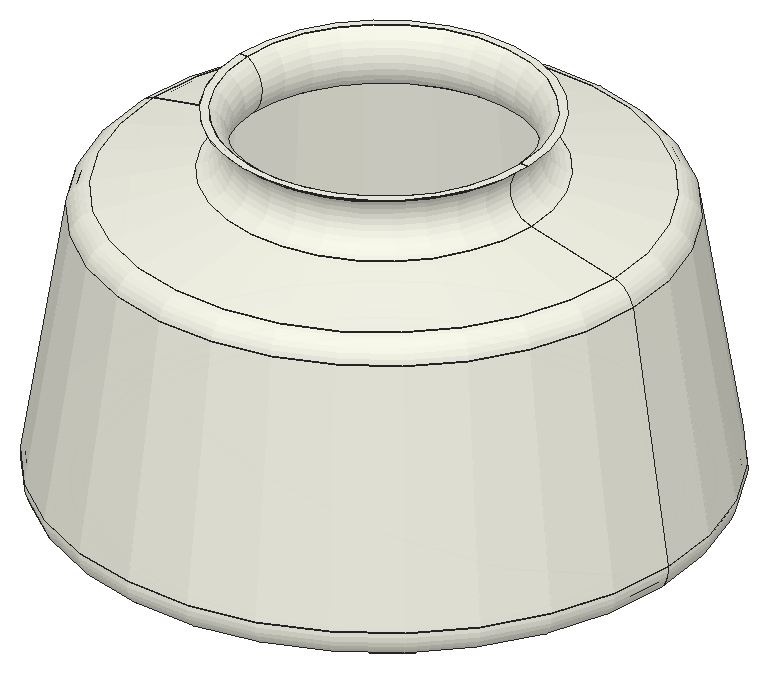
Revit family "SQO12", category Generic Models, Revit 2024
Family settings
  Can host rebar = No
  Round Connector Dimension = Use Diameter
  Part Type = Normal
  Work Plane-Based = No
  Always vertical = Yes
  Cut with Voids When Loaded = No
  Maintain Annotation Orientation = No
  Shared = No
  Room Calculation Point = No
Parameters
  Default Elevation = 0' - 0"
Reference planes (in)
  plane 1 "Center (Front/Back)": y = 0
  plane 2: z = 0
  plane 3 "Center (Left/Right)": x = 0
Forms (in)
  Revolve 1, solid, material "OPAL"
    sketch origin (0, 0, 0) x (1, 0, 0) y (0, 0, 1)
      loop
        arc (2.86059, 49.01527) -> (2.93073, 49.0651) -> (3, 49.11613) r 5
        line (3, 49.11613) -> (2.84394, 49.11613)
        arc (2.84394, 49.11613) -> (2.54026, 48.45628) -> (3.04397, 47.93292) r 0.64435
        line (3.04397, 47.93292) -> (4.76859, 47.573)
        arc (4.76859, 47.573) -> (4.97958, 47.4557) -> (5.08676, 47.23939) r 0.40625
        line (5.08676, 47.23939) -> (5.81497, 42.6802)
        arc (5.81497, 42.6802) -> (5.72289, 42.35249) -> (5.4138, 42.20988) r 0.40625
        line (5.4138, 42.20988) -> (5.09902, 42.20988)
        arc (5.09902, 42.20988) -> (4.98475, 42.19878) -> (4.87476, 42.1659) r 0.59375
        arc (4.87476, 42.1659) -> (2.48381, 41.45114) -> (0, 41.20988) r 12.90625
        line (0, 41.20988) -> (0, 41.11613)
        arc (0, 41.11613) -> (2.50185, 41.35914) -> (4.91017, 42.07909) r 13
        arc (4.91017, 42.07909) -> (5.00279, 42.10678) -> (5.09902, 42.11613) r 0.5
        line (5.09902, 42.11613) -> (5.4138, 42.11613)
        arc (5.4138, 42.11613) -> (5.79422, 42.29165) -> (5.90754, 42.69499) r 0.5
        line (5.90754, 42.69499) -> (5.17934, 47.25418)
        arc (5.17934, 47.25418) -> (5.04742, 47.5204) -> (4.78774, 47.66477) r 0.5
        line (4.78774, 47.66477) -> (3.06312, 48.02469)
        arc (3.06312, 48.02469) -> (2.63616, 48.4534) -> (2.86059, 49.01527) r 0.5506
      axis (0, 49.11613) -> (0, 41.11613)
    angle from 0 to 360
Dimensions and locks (in)
  aligned and locked: plane 2 to level
